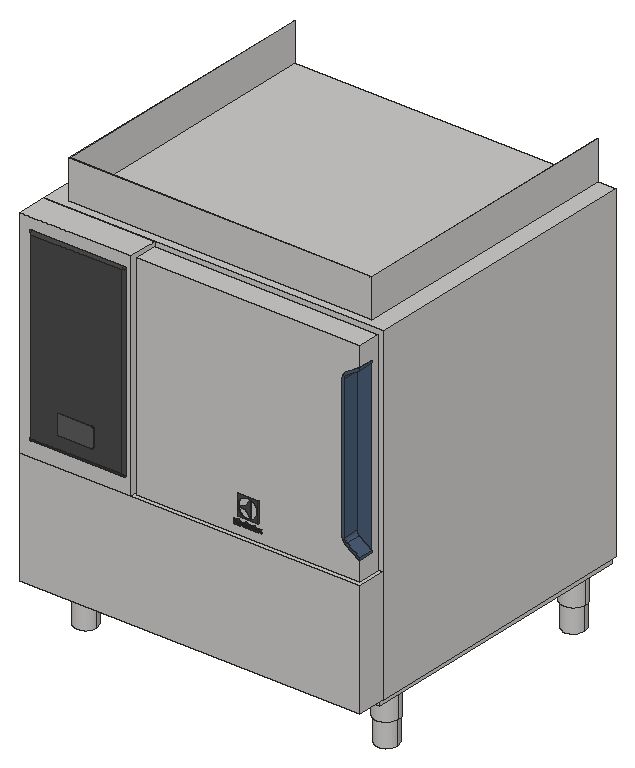
Revit family "QF_ELECTROLUXPROFESSIONAL_725584_EBFA61WHE", category Specialty Equipment, Revit 2023
Family settings
  Round Connector Dimension = Use Diameter
  Part Type = Normal
  Work Plane-Based = No
  Enable Cutting in Views = No
  Always vertical = Yes
  Cut with Voids When Loaded = No
  Maintain Annotation Orientation = No
  Shared = No
  Room Calculation Point = No
Parameters
  Weight = 0.00 kg
  Watts = 0 W
  Volts = 380 V
  URL Manufacturer = "http://professional.electrolux.com"
  URL = "http://professional.electrolux.com"
  Steam Supply Size = 0 mm
  Steam Supply Minimum Pressure = 0.0 Pa
  Steam Supply Maximum Pressure = 0.0 Pa
  Steam Pounds per Hour = 0
  Show Logo [instance] = yes
  Show Clearance [instance] = yes
  Refrigeration Suction Line Size = 0 mm
  Refrigeration Liquid Line Size = 0 mm
  Refrigerant Compressor Remote = yes
  Manufacturer = "Electrolux"
  Phase = 3
  Model = "EBFA61WHE"
  Length Actual = 897 mm  # constant formula
  Item Number = "725584"
  Hot Water Size = 0 mm
  Height Actual = 1020 mm  # constant formula
  HP = "3.6 HP"
  Gas Size = 0 mm
  Gas KW = 0
  Gas Input Pressure = 0 W
  Direct Waste Size = 139.7 mm
  Description = "SKYLINE CHILLS BLAST CHILLER FREEZER 30/30KG 6 GN 1/1 - FOR TOWER EXECUTION - LEFT HINDGED DOOR"
  Depth Actual = 937 mm  # constant formula
  Default Elevation = 0 mm
  Cycle = 50 Hz
  Condensate Return Size = 0 mm
  Compressed Air Volume = 0.0 L/s
  Compressed Air Size = 0 mm
  Compressed Air Pressure = 0.0 Pa
  Cold Water Size = 0 mm
  Accessory = yes
Reference planes
  plane 1 "Center X": y = 126.851
  plane 2: z = 0
  plane 3 "Center Y": x = -311.5
  plane 4 "LEFT": x = -760
  plane 5 "BACK": y = 548.851
  plane 6 "RIGHT": x = 137
  plane 7 "FRONT": y = -295.149
  plane 8: z = 130
  plane 9: x = -708
  plane 10: y = 473.851
  plane 11: x = 85
  plane 12: y = -142.149
  plane 13 "TOP": z = 1020.038
  plane 14: y = 641.851
  plane 15: y = -847.149
Forms (mm)
  Extrusion 1, solid, material "QF_Finishes_Stainless Steel"
    sketch origin (0, 0, 1060.038) x (-1, 0, 0) y (0, -1, 0)
      loop
        line (759, -548.851) -> (759, 216.149) -> (-136, 216.149) -> (-136, -548.851) -> (759, -548.851)
    from -40 to -910.018
  Extrusion 2, void
    sketch origin (-759, -216.149, 1060.038) x (-1, 0, 0) y (0, 0, 1)
      loop
        line (-370.8, -100) -> (-826.8, -100) -> (-826.8, -491.98) -> (-370.8, -491.98) -> (-370.8, -100)
    from 0 to 703
  Extrusion 3, solid, material "QF_Finishes_Stainless Steel"
    sketch origin (-760, -0.954, 0) x (0, 1, 0) y (0, 0, 1)
      loop
        line (549.805, 694.306) -> (549.805, 392.314) -> (635.5, 399.789)
        arc (635.5, 399.789) -> (640.702, 402.354) -> (642.805, 407.759) r 8
        line (642.805, 407.759) -> (642.805, 433.233)
        arc (642.805, 433.233) -> (638.783, 442.547) -> (642.805, 451.86) r 12.795
        line (642.805, 451.86) -> (642.805, 483.24)
        arc (642.805, 483.24) -> (638.783, 492.554) -> (642.805, 501.867) r 12.795
        line (642.805, 501.867) -> (642.805, 533.247)
        arc (642.805, 533.247) -> (638.783, 542.56) -> (642.805, 551.874) r 12.795
        line (642.805, 551.874) -> (642.805, 583.254)
        arc (642.805, 583.254) -> (638.783, 592.567) -> (642.805, 601.881) r 12.795
        line (642.805, 601.881) -> (642.805, 634.796)
        arc (642.805, 634.796) -> (641.466, 639.795) -> (637.808, 643.455) r 10
        line (637.808, 643.455) -> (549.805, 694.306)
    from 123.244 to 306.92
  Extrusion 4, solid, material "QF_Finishes_Stainless Steel"
    sketch origin (-817.599, 548.851, 1060.038) x (1, 0, 0) y (0, 0, -1)
      loop
        circle (121.599, 802.038) r 10.5
    from 0 to 29
  Extrusion 5, solid, material "QF_Finishes_Stainless Steel"
    sketch origin (0, 0, 1060.038) x (-1, 0, 0) y (0, -1, 0)
      loop
        line (759, 295.149) -> (467.2, 295.149) -> (467.2, 217.149) -> (759, 217.149) -> (759, 295.149)
    from -40 to -607
  Extrusion 6, solid, material "QF_Finishes_Stainless Steel"
    sketch origin (-1206.916, -1524, 130) x (-1, 0, 0) y (0, -1, 0)
      loop
        line (-447.916, -1228.851) -> (-1342.916, -1228.851) -> (-1342.916, -1306.851) -> (-447.916, -1306.851) -> (-447.916, -1228.851)
    from 322 to 20.02
  Extrusion 7, solid, material "QF_Finishes_Stainless Steel"
    sketch origin (0, 0, 1060.038) x (-1, 0, 0) y (0, -1, 0)
      loop
        line (748.993, -548.851) -> (748.993, 214.216) -> (-125.993, 214.216) -> (-125.993, -548.851) -> (748.993, -548.851)
    from -910.018 to -930.038
  Extrusion 8, solid, material "QF_Finishes_Stainless Steel"
    sketch origin (0, 0, 130) x (0, -1, 0) y (-1, 0, 0)
      loop
        circle (-215.851, 360) r 9.5
    from 0 to 31.68
  Extrusion 9, void
    sketch origin (0, 0, 1060.038) x (-1, 0, 0) y (0, -1, 0)
      loop
        line (627.033, -641.851) -> (636.756, -641.851) -> (636.756, -548.851) -> (635.125, -548.851) -> (627.033, -641.851)
      loop
        line (454.711, -548.851) -> (453.08, -548.851) -> (453.08, -641.851) -> (462.803, -641.851) -> (454.711, -548.851)
    from -673 to -363
  Extrusion 10, solid, material "QF_Finishes_Stainless Steel"
    sketch origin (-19, -1, 0) x (1, 0, 0) y (0, 1, 0)
      loop
        line (-690, -190.149) -> (-690, 549.851) -> (-692, 549.851) -> (-692, -192.149) -> (107, -192.149) -> (107, 549.851) -> (105, 549.851) -> (105, -190.149) -> (-690, -190.149)
    from 1020.038 to 1120.038
  Extrusion 11, solid, material "QF_Finishes_Stainless Steel"
    sketch origin (-315.205, -295.149, 0) x (1, 0, 0) y (0, 0, -1)
      loop
        line (451.2, -1020.033) -> (451.2, -968.898) -> (414.947, -944.816)
        arc (414.947, -944.816) -> (408.716, -937.969) -> (406.46, -928.989) r 19
        line (406.46, -928.989) -> (406.46, -554.076)
        arc (406.46, -554.076) -> (408.839, -544.616) -> (415.41, -537.406) r 20
        line (415.41, -537.406) -> (451.2, -513.683) -> (451.2, -462.497) -> (-135.995, -462.497) -> (-135.995, -1020.033) -> (451.2, -1020.033)
    from 0 to 60
  Extrusion 12, solid, material "QF_Finishes_Stainless Steel"
    sketch origin (-315.205, -235.149, 0) x (1, 0, 0) y (0, 0, -1)
      loop
        line (406.46, -554.076) -> (406.46, -928.989)
        arc (406.46, -928.989) -> (408.716, -937.969) -> (414.947, -944.816) r 19
        line (414.947, -944.816) -> (451.2, -968.898) -> (451.2, -513.683) -> (415.41, -537.406)
        arc (415.41, -537.406) -> (408.839, -544.616) -> (406.46, -554.076) r 20
    from -21 to 0
  Extrusion 13, solid, material "QF_Finishes_Electrolux_Blue"
    sketch origin (-315.205, -295.149, 0) x (-1, 0, 0) y (0, 0, -1)
      loop
        line (-451.2, -968.898) -> (-414.947, -944.816)
        arc (-414.947, -944.816) -> (-408.716, -937.969) -> (-406.46, -928.989) r 19
        line (-406.46, -928.989) -> (-406.46, -554.076)
        arc (-406.46, -554.076) -> (-408.839, -544.616) -> (-415.41, -537.406) r 20
        line (-415.41, -537.406) -> (-451.2, -513.683) -> (-453.7, -513.683) -> (-453.7, -519.824) -> (-419.001, -542.824)
        arc (-419.001, -542.824) -> (-414.566, -547.691) -> (-412.96, -554.076) r 13.5
        line (-412.96, -554.076) -> (-412.96, -928.989)
        arc (-412.96, -928.989) -> (-414.444, -934.897) -> (-418.543, -939.401) r 12.5
        line (-418.543, -939.401) -> (-453.7, -962.755) -> (-453.7, -968.898) -> (-451.2, -968.898)
    from -39 to 1
  Extrusion 14, solid, material "QF_Door-Drawer Clearances", visible <- "Show Clearance", detail levels coarse
    sketch origin (-458.205, -393.449, 0) x (0, -1, 0) y (0, 0, -1)
      loop
        line (451.2, -1020.033) -> (451.2, -968.898) -> (414.947, -944.816)
        arc (414.947, -944.816) -> (408.716, -937.969) -> (406.46, -928.989) r 19
        line (406.46, -928.989) -> (406.46, -554.076)
        arc (406.46, -554.076) -> (408.839, -544.616) -> (415.41, -537.406) r 20
        line (415.41, -537.406) -> (451.2, -513.683) -> (451.2, -462.497) -> (-98.3, -462.497) -> (-98.3, -1020.033) -> (451.2, -1020.033)
    from 0 to 60
  Extrusion 15, solid, material "QF_Door-Drawer Clearances", visible <- "Show Clearance", detail levels coarse
    sketch origin (-398.205, -393.449, 0) x (0, -1, 0) y (0, 0, -1)
      loop
        line (406.46, -554.076) -> (406.46, -928.989)
        arc (406.46, -928.989) -> (408.716, -937.969) -> (414.947, -944.816) r 19
        line (414.947, -944.816) -> (451.2, -968.898) -> (451.2, -513.683) -> (415.41, -537.406)
        arc (415.41, -537.406) -> (408.839, -544.616) -> (406.46, -554.076) r 20
    from -21 to 0
  Extrusion 16, solid, material "QF_Door-Drawer Clearances", visible <- "Show Clearance", detail levels coarse
    sketch origin (-458.205, -393.449, 0) x (0, 1, 0) y (0, 0, -1)
      loop
        line (-451.2, -968.898) -> (-414.947, -944.816)
        arc (-414.947, -944.816) -> (-408.716, -937.969) -> (-406.46, -928.989) r 19
        line (-406.46, -928.989) -> (-406.46, -554.076)
        arc (-406.46, -554.076) -> (-408.839, -544.616) -> (-415.41, -537.406) r 20
        line (-415.41, -537.406) -> (-451.2, -513.683) -> (-453.7, -513.683) -> (-453.7, -519.824) -> (-419.001, -542.824)
        arc (-419.001, -542.824) -> (-414.566, -547.691) -> (-412.96, -554.076) r 13.5
        line (-412.96, -554.076) -> (-412.96, -928.989)
        arc (-412.96, -928.989) -> (-414.444, -934.897) -> (-418.543, -939.401) r 12.5
        line (-418.543, -939.401) -> (-453.7, -962.755) -> (-453.7, -968.898) -> (-451.2, -968.898)
    from -39 to 1
  Extrusion 17, solid, material "QF_Door-Drawer Clearances", visible <- "Show Clearance", detail levels coarse
    sketch origin (-315.205, 0, 1060.038) x (1, 0, 0) y (0, 1, 0)
      loop
        line (-83, -295.149) -> (-83, -844.649)
        arc (-83, -844.649) -> (290.883, -673.709) -> (451.2, -295.149) r 567.425
        line (451.2, -295.149) -> (-83, -295.149)
    from -597.541 to -40
Cuts and joins
  Extrusion 2 cuts Extrusion 1
  Extrusion 9 cuts Extrusion 3
  joined: Extrusion 1, Extrusion 3, Extrusion 4, Extrusion 7, Extrusion 8
  joined: Extrusion 14, Extrusion 15, Extrusion 16, Extrusion 17
  joined: Extrusion 11, Extrusion 12
Lines and regions (mm)
  Split face 1
    outline origin (-489, -295.149, 130) x (-1, 0, 0) y (0, 0, -1)
      loop
        line (-132.388, -290.639) -> (-22.373, -290.639) -> (-22.373, -285.612) -> (-132.388, -285.612) -> (-132.388, -290.639)
  Split face 2
    outline origin (-489, -295.149, 120.528) x (-1, 0, 0) y (0, 0, -1)
      loop
        line (-132.388, -290.639) -> (-22.373, -290.639) -> (-22.373, -285.612) -> (-132.388, -285.612) -> (-132.388, -290.639)
  Split face 3
    outline origin (-489, -295.149, 111.056) x (-1, 0, 0) y (0, 0, -1)
      loop
        line (-132.388, -290.639) -> (-22.373, -290.639) -> (-22.373, -285.612) -> (-132.388, -285.612) -> (-132.388, -290.639)
  Split face 4
    outline origin (-489, -295.149, 101.583) x (-1, 0, 0) y (0, 0, -1)
      loop
        line (-132.388, -290.639) -> (-22.373, -290.639) -> (-22.373, -285.612) -> (-132.388, -285.612) -> (-132.388, -290.639)
  Split face 5
    outline origin (-489, -295.149, 92.111) x (-1, 0, 0) y (0, 0, -1)
      loop
        line (-132.388, -290.639) -> (-22.373, -290.639) -> (-22.373, -285.612) -> (-132.388, -285.612) -> (-132.388, -290.639)
  Split face 6
    outline origin (-489, -295.149, 82.639) x (-1, 0, 0) y (0, 0, -1)
      loop
        line (-132.388, -290.639) -> (-22.373, -290.639) -> (-22.373, -285.612) -> (-132.388, -285.612) -> (-132.388, -290.639)
  Split face 7
    outline origin (-489, -295.149, 73.167) x (-1, 0, 0) y (0, 0, -1)
      loop
        line (-132.388, -290.639) -> (-22.373, -290.639) -> (-22.373, -285.612) -> (-132.388, -285.612) -> (-132.388, -290.639)
  Split face 8
    outline origin (-489, -295.149, 63.695) x (-1, 0, 0) y (0, 0, -1)
      loop
        line (-132.388, -290.639) -> (-22.373, -290.639) -> (-22.373, -285.612) -> (-132.388, -285.612) -> (-132.388, -290.639)
  Split face 9
    outline origin (-489, -295.149, 54.223) x (-1, 0, 0) y (0, 0, -1)
      loop
        line (-132.388, -290.639) -> (-22.373, -290.639) -> (-22.373, -285.612) -> (-132.388, -285.612) -> (-132.388, -290.639)
  Split face 10
    outline origin (-489, -295.149, 44.75) x (-1, 0, 0) y (0, 0, -1)
      loop
        line (-132.388, -290.639) -> (-22.373, -290.639) -> (-22.373, -285.612) -> (-132.388, -285.612) -> (-132.388, -290.639)
  Split face 11
    outline origin (-489, -295.149, 35.278) x (-1, 0, 0) y (0, 0, -1)
      loop
        line (-132.388, -290.639) -> (-22.373, -290.639) -> (-22.373, -285.612) -> (-132.388, -285.612) -> (-132.388, -290.639)
  Split face 12
    outline origin (-489, -295.149, 25.806) x (-1, 0, 0) y (0, 0, -1)
      loop
        line (-132.388, -290.639) -> (-22.373, -290.639) -> (-22.373, -285.612) -> (-132.388, -285.612) -> (-132.388, -290.639)
  Split face 13
    outline origin (-489, -295.149, 16.334) x (-1, 0, 0) y (0, 0, -1)
      loop
        line (-132.388, -290.639) -> (-22.373, -290.639) -> (-22.373, -285.612) -> (-132.388, -285.612) -> (-132.388, -290.639)
  Split face 14
    outline origin (-489, -295.149, 6.862) x (-1, 0, 0) y (0, 0, -1)
      loop
        line (-132.388, -290.639) -> (-22.373, -290.639) -> (-22.373, -285.612) -> (-132.388, -285.612) -> (-132.388, -290.639)
  Split face 15
    outline origin (-489, -295.149, -2.611) x (-1, 0, 0) y (0, 0, -1)
      loop
        line (-132.388, -290.639) -> (-22.373, -290.639) -> (-22.373, -285.612) -> (-132.388, -285.612) -> (-132.388, -290.639)
  Split face 16
    outline origin (-489, -295.149, -12.083) x (-1, 0, 0) y (0, 0, -1)
      loop
        line (-132.388, -290.639) -> (-22.373, -290.639) -> (-22.373, -285.612) -> (-132.388, -285.612) -> (-132.388, -290.639)
  Split face 17
    outline origin (-489, -295.149, -21.555) x (-1, 0, 0) y (0, 0, -1)
      loop
        line (-132.388, -290.639) -> (-22.373, -290.639) -> (-22.373, -285.612) -> (-132.388, -285.612) -> (-132.388, -290.639)
  Split face 18
    outline origin (-489, -295.149, -31.027) x (-1, 0, 0) y (0, 0, -1)
      loop
        line (-132.388, -290.639) -> (-22.373, -290.639) -> (-22.373, -285.612) -> (-132.388, -285.612) -> (-132.388, -290.639)
  Split face 19
    outline origin (-489, -295.149, -40.499) x (-1, 0, 0) y (0, 0, -1)
      loop
        line (-132.388, -290.639) -> (-22.373, -290.639) -> (-22.373, -285.612) -> (-132.388, -285.612) -> (-132.388, -290.639)
  Split face 20
    outline origin (-489, -295.149, -49.972) x (-1, 0, 0) y (0, 0, -1)
      loop
        line (-132.388, -290.639) -> (-22.373, -290.639) -> (-22.373, -285.612) -> (-132.388, -285.612) -> (-132.388, -290.639)
  Split face 21
    outline origin (-489, -295.149, -59.444) x (-1, 0, 0) y (0, 0, -1)
      loop
        line (-132.388, -290.639) -> (-22.373, -290.639) -> (-22.373, -285.612) -> (-132.388, -285.612) -> (-132.388, -290.639)
  Split face 22
    outline origin (-489, -295.149, -68.916) x (-1, 0, 0) y (0, 0, -1)
      loop
        line (-132.388, -290.639) -> (-22.373, -290.639) -> (-22.373, -285.612) -> (-132.388, -285.612) -> (-132.388, -290.639)
  Split face 23
    outline origin (-489, -295.149, -78.388) x (-1, 0, 0) y (0, 0, -1)
      loop
        line (-132.388, -290.639) -> (-22.373, -290.639) -> (-22.373, -285.612) -> (-132.388, -285.612) -> (-132.388, -290.639)
  Split face 24
    outline origin (-489, -295.149, -87.86) x (-1, 0, 0) y (0, 0, -1)
      loop
        line (-132.388, -290.639) -> (-22.373, -290.639) -> (-22.373, -285.612) -> (-132.388, -285.612) -> (-132.388, -290.639)
  Split face 25
    outline origin (-489, -295.149, -97.332) x (-1, 0, 0) y (0, 0, -1)
      loop
        line (-132.388, -290.639) -> (-22.373, -290.639) -> (-22.373, -285.612) -> (-132.388, -285.612) -> (-132.388, -290.639)
  Split face 26
    outline origin (-489, -295.149, -106.805) x (-1, 0, 0) y (0, 0, -1)
      loop
        line (-132.388, -290.639) -> (-22.373, -290.639) -> (-22.373, -285.612) -> (-132.388, -285.612) -> (-132.388, -290.639)
  Split face 27
    outline origin (-373.984, -295.149, 130) x (-1, 0, 0) y (0, 0, -1)
      loop
        line (-132.388, -290.639) -> (-22.373, -290.639) -> (-22.373, -285.612) -> (-132.388, -285.612) -> (-132.388, -290.639)
  Split face 28
    outline origin (-373.984, -295.149, 120.528) x (-1, 0, 0) y (0, 0, -1)
      loop
        line (-132.388, -290.639) -> (-22.373, -290.639) -> (-22.373, -285.612) -> (-132.388, -285.612) -> (-132.388, -290.639)
  Split face 29
    outline origin (-373.984, -295.149, 111.056) x (-1, 0, 0) y (0, 0, -1)
      loop
        line (-132.388, -290.639) -> (-22.373, -290.639) -> (-22.373, -285.612) -> (-132.388, -285.612) -> (-132.388, -290.639)
  Split face 30
    outline origin (-373.984, -295.149, 101.583) x (-1, 0, 0) y (0, 0, -1)
      loop
        line (-132.388, -290.639) -> (-22.373, -290.639) -> (-22.373, -285.612) -> (-132.388, -285.612) -> (-132.388, -290.639)
  Split face 31
    outline origin (-373.984, -295.149, 92.111) x (-1, 0, 0) y (0, 0, -1)
      loop
        line (-132.388, -290.639) -> (-22.373, -290.639) -> (-22.373, -285.612) -> (-132.388, -285.612) -> (-132.388, -290.639)
  Split face 32
    outline origin (-373.984, -295.149, 82.639) x (-1, 0, 0) y (0, 0, -1)
      loop
        line (-132.388, -290.639) -> (-22.373, -290.639) -> (-22.373, -285.612) -> (-132.388, -285.612) -> (-132.388, -290.639)
  Split face 33
    outline origin (-373.984, -295.149, 73.167) x (-1, 0, 0) y (0, 0, -1)
      loop
        line (-132.388, -290.639) -> (-22.373, -290.639) -> (-22.373, -285.612) -> (-132.388, -285.612) -> (-132.388, -290.639)
  Split face 34
    outline origin (-373.984, -295.149, 63.695) x (-1, 0, 0) y (0, 0, -1)
      loop
        line (-132.388, -290.639) -> (-22.373, -290.639) -> (-22.373, -285.612) -> (-132.388, -285.612) -> (-132.388, -290.639)
  Split face 35
    outline origin (-373.984, -295.149, 54.223) x (-1, 0, 0) y (0, 0, -1)
      loop
        line (-132.388, -290.639) -> (-22.373, -290.639) -> (-22.373, -285.612) -> (-132.388, -285.612) -> (-132.388, -290.639)
  Split face 36
    outline origin (-373.984, -295.149, 44.75) x (-1, 0, 0) y (0, 0, -1)
      loop
        line (-132.388, -290.639) -> (-22.373, -290.639) -> (-22.373, -285.612) -> (-132.388, -285.612) -> (-132.388, -290.639)
  Split face 37
    outline origin (-373.984, -295.149, 35.278) x (-1, 0, 0) y (0, 0, -1)
      loop
        line (-132.388, -290.639) -> (-22.373, -290.639) -> (-22.373, -285.612) -> (-132.388, -285.612) -> (-132.388, -290.639)
  Split face 38
    outline origin (-373.984, -295.149, 25.806) x (-1, 0, 0) y (0, 0, -1)
      loop
        line (-132.388, -290.639) -> (-22.373, -290.639) -> (-22.373, -285.612) -> (-132.388, -285.612) -> (-132.388, -290.639)
  Split face 39
    outline origin (-373.984, -295.149, 16.334) x (-1, 0, 0) y (0, 0, -1)
      loop
        line (-132.388, -290.639) -> (-22.373, -290.639) -> (-22.373, -285.612) -> (-132.388, -285.612) -> (-132.388, -290.639)
  Split face 40
    outline origin (-373.984, -295.149, 6.862) x (-1, 0, 0) y (0, 0, -1)
      loop
        line (-132.388, -290.639) -> (-22.373, -290.639) -> (-22.373, -285.612) -> (-132.388, -285.612) -> (-132.388, -290.639)
  Split face 41
    outline origin (-373.984, -295.149, -2.611) x (-1, 0, 0) y (0, 0, -1)
      loop
        line (-132.388, -290.639) -> (-22.373, -290.639) -> (-22.373, -285.612) -> (-132.388, -285.612) -> (-132.388, -290.639)
  Split face 42
    outline origin (-373.984, -295.149, -12.083) x (-1, 0, 0) y (0, 0, -1)
      loop
        line (-132.388, -290.639) -> (-22.373, -290.639) -> (-22.373, -285.612) -> (-132.388, -285.612) -> (-132.388, -290.639)
  Split face 43
    outline origin (-373.984, -295.149, -21.555) x (-1, 0, 0) y (0, 0, -1)
      loop
        line (-132.388, -290.639) -> (-22.373, -290.639) -> (-22.373, -285.612) -> (-132.388, -285.612) -> (-132.388, -290.639)
  Split face 44
    outline origin (-373.984, -295.149, -31.027) x (-1, 0, 0) y (0, 0, -1)
      loop
        line (-132.388, -290.639) -> (-22.373, -290.639) -> (-22.373, -285.612) -> (-132.388, -285.612) -> (-132.388, -290.639)
  Split face 45
    outline origin (-373.984, -295.149, -40.499) x (-1, 0, 0) y (0, 0, -1)
      loop
        line (-132.388, -290.639) -> (-22.373, -290.639) -> (-22.373, -285.612) -> (-132.388, -285.612) -> (-132.388, -290.639)
  Split face 46
    outline origin (-373.984, -295.149, -49.972) x (-1, 0, 0) y (0, 0, -1)
      loop
        line (-132.388, -290.639) -> (-22.373, -290.639) -> (-22.373, -285.612) -> (-132.388, -285.612) -> (-132.388, -290.639)
  Split face 47
    outline origin (-373.984, -295.149, -59.444) x (-1, 0, 0) y (0, 0, -1)
      loop
        line (-132.388, -290.639) -> (-22.373, -290.639) -> (-22.373, -285.612) -> (-132.388, -285.612) -> (-132.388, -290.639)
  Split face 48
    outline origin (-373.984, -295.149, -68.916) x (-1, 0, 0) y (0, 0, -1)
      loop
        line (-132.388, -290.639) -> (-22.373, -290.639) -> (-22.373, -285.612) -> (-132.388, -285.612) -> (-132.388, -290.639)
  Split face 49
    outline origin (-373.984, -295.149, -78.388) x (-1, 0, 0) y (0, 0, -1)
      loop
        line (-132.388, -290.639) -> (-22.373, -290.639) -> (-22.373, -285.612) -> (-132.388, -285.612) -> (-132.388, -290.639)
  Split face 50
    outline origin (-373.984, -295.149, -87.86) x (-1, 0, 0) y (0, 0, -1)
      loop
        line (-132.388, -290.639) -> (-22.373, -290.639) -> (-22.373, -285.612) -> (-132.388, -285.612) -> (-132.388, -290.639)
  Split face 51
    outline origin (-373.984, -295.149, -97.332) x (-1, 0, 0) y (0, 0, -1)
      loop
        line (-132.388, -290.639) -> (-22.373, -290.639) -> (-22.373, -285.612) -> (-132.388, -285.612) -> (-132.388, -290.639)
  Split face 52
    outline origin (-373.984, -295.149, -106.805) x (-1, 0, 0) y (0, 0, -1)
      loop
        line (-132.388, -290.639) -> (-22.373, -290.639) -> (-22.373, -285.612) -> (-132.388, -285.612) -> (-132.388, -290.639)
  Split face 53
    outline origin (-258.969, -295.149, 130) x (-1, 0, 0) y (0, 0, -1)
      loop
        line (-132.388, -290.639) -> (-22.373, -290.639) -> (-22.373, -285.612) -> (-132.388, -285.612) -> (-132.388, -290.639)
  Split face 54
    outline origin (-258.969, -295.149, 120.528) x (-1, 0, 0) y (0, 0, -1)
      loop
        line (-132.388, -290.639) -> (-22.373, -290.639) -> (-22.373, -285.612) -> (-132.388, -285.612) -> (-132.388, -290.639)
  Split face 55
    outline origin (-258.969, -295.149, 111.056) x (-1, 0, 0) y (0, 0, -1)
      loop
        line (-132.388, -290.639) -> (-22.373, -290.639) -> (-22.373, -285.612) -> (-132.388, -285.612) -> (-132.388, -290.639)
  Split face 56
    outline origin (-258.969, -295.149, 101.583) x (-1, 0, 0) y (0, 0, -1)
      loop
        line (-132.388, -290.639) -> (-22.373, -290.639) -> (-22.373, -285.612) -> (-132.388, -285.612) -> (-132.388, -290.639)
  Split face 57
    outline origin (-258.969, -295.149, 92.111) x (-1, 0, 0) y (0, 0, -1)
      loop
        line (-132.388, -290.639) -> (-22.373, -290.639) -> (-22.373, -285.612) -> (-132.388, -285.612) -> (-132.388, -290.639)
  Split face 58
    outline origin (-258.969, -295.149, 82.639) x (-1, 0, 0) y (0, 0, -1)
      loop
        line (-132.388, -290.639) -> (-22.373, -290.639) -> (-22.373, -285.612) -> (-132.388, -285.612) -> (-132.388, -290.639)
  Split face 59
    outline origin (-258.969, -295.149, 73.167) x (-1, 0, 0) y (0, 0, -1)
      loop
        line (-132.388, -290.639) -> (-22.373, -290.639) -> (-22.373, -285.612) -> (-132.388, -285.612) -> (-132.388, -290.639)
  Split face 60
    outline origin (-258.969, -295.149, 63.695) x (-1, 0, 0) y (0, 0, -1)
      loop
        line (-132.388, -290.639) -> (-22.373, -290.639) -> (-22.373, -285.612) -> (-132.388, -285.612) -> (-132.388, -290.639)
  Split face 61
    outline origin (-258.969, -295.149, 54.223) x (-1, 0, 0) y (0, 0, -1)
      loop
        line (-132.388, -290.639) -> (-22.373, -290.639) -> (-22.373, -285.612) -> (-132.388, -285.612) -> (-132.388, -290.639)
  Split face 62
    outline origin (-258.969, -295.149, 44.75) x (-1, 0, 0) y (0, 0, -1)
      loop
        line (-132.388, -290.639) -> (-22.373, -290.639) -> (-22.373, -285.612) -> (-132.388, -285.612) -> (-132.388, -290.639)
  Split face 63
    outline origin (-258.969, -295.149, 35.278) x (-1, 0, 0) y (0, 0, -1)
      loop
        line (-132.388, -290.639) -> (-22.373, -290.639) -> (-22.373, -285.612) -> (-132.388, -285.612) -> (-132.388, -290.639)
  Split face 64
    outline origin (-258.969, -295.149, 25.806) x (-1, 0, 0) y (0, 0, -1)
      loop
        line (-132.388, -290.639) -> (-22.373, -290.639) -> (-22.373, -285.612) -> (-132.388, -285.612) -> (-132.388, -290.639)
  Split face 65
    outline origin (-258.969, -295.149, 16.334) x (-1, 0, 0) y (0, 0, -1)
      loop
        line (-132.388, -290.639) -> (-22.373, -290.639) -> (-22.373, -285.612) -> (-132.388, -285.612) -> (-132.388, -290.639)
  Split face 66
    outline origin (-258.969, -295.149, 6.862) x (-1, 0, 0) y (0, 0, -1)
      loop
        line (-132.388, -290.639) -> (-22.373, -290.639) -> (-22.373, -285.612) -> (-132.388, -285.612) -> (-132.388, -290.639)
  Split face 67
    outline origin (-258.969, -295.149, -2.611) x (-1, 0, 0) y (0, 0, -1)
      loop
        line (-132.388, -290.639) -> (-22.373, -290.639) -> (-22.373, -285.612) -> (-132.388, -285.612) -> (-132.388, -290.639)
  Split face 68
    outline origin (-258.969, -295.149, -12.083) x (-1, 0, 0) y (0, 0, -1)
      loop
        line (-132.388, -290.639) -> (-22.373, -290.639) -> (-22.373, -285.612) -> (-132.388, -285.612) -> (-132.388, -290.639)
  Split face 69
    outline origin (-258.969, -295.149, -21.555) x (-1, 0, 0) y (0, 0, -1)
      loop
        line (-132.388, -290.639) -> (-22.373, -290.639) -> (-22.373, -285.612) -> (-132.388, -285.612) -> (-132.388, -290.639)
  Split face 70
    outline origin (-258.969, -295.149, -31.027) x (-1, 0, 0) y (0, 0, -1)
      loop
        line (-132.388, -290.639) -> (-22.373, -290.639) -> (-22.373, -285.612) -> (-132.388, -285.612) -> (-132.388, -290.639)
  Split face 71
    outline origin (-258.969, -295.149, -40.499) x (-1, 0, 0) y (0, 0, -1)
      loop
        line (-132.388, -290.639) -> (-22.373, -290.639) -> (-22.373, -285.612) -> (-132.388, -285.612) -> (-132.388, -290.639)
  Split face 72
    outline origin (-258.969, -295.149, -49.972) x (-1, 0, 0) y (0, 0, -1)
      loop
        line (-132.388, -290.639) -> (-22.373, -290.639) -> (-22.373, -285.612) -> (-132.388, -285.612) -> (-132.388, -290.639)
  Split face 73
    outline origin (-258.969, -295.149, -59.444) x (-1, 0, 0) y (0, 0, -1)
      loop
        line (-132.388, -290.639) -> (-22.373, -290.639) -> (-22.373, -285.612) -> (-132.388, -285.612) -> (-132.388, -290.639)
  Split face 74
    outline origin (-258.969, -295.149, -68.916) x (-1, 0, 0) y (0, 0, -1)
      loop
        line (-132.388, -290.639) -> (-22.373, -290.639) -> (-22.373, -285.612) -> (-132.388, -285.612) -> (-132.388, -290.639)
  Split face 75
    outline origin (-258.969, -295.149, -78.388) x (-1, 0, 0) y (0, 0, -1)
      loop
        line (-132.388, -290.639) -> (-22.373, -290.639) -> (-22.373, -285.612) -> (-132.388, -285.612) -> (-132.388, -290.639)
  Split face 76
    outline origin (-258.969, -295.149, -87.86) x (-1, 0, 0) y (0, 0, -1)
      loop
        line (-132.388, -290.639) -> (-22.373, -290.639) -> (-22.373, -285.612) -> (-132.388, -285.612) -> (-132.388, -290.639)
  Split face 77
    outline origin (-258.969, -295.149, -97.332) x (-1, 0, 0) y (0, 0, -1)
      loop
        line (-132.388, -290.639) -> (-22.373, -290.639) -> (-22.373, -285.612) -> (-132.388, -285.612) -> (-132.388, -290.639)
  Split face 78
    outline origin (-258.969, -295.149, -106.805) x (-1, 0, 0) y (0, 0, -1)
      loop
        line (-132.388, -290.639) -> (-22.373, -290.639) -> (-22.373, -285.612) -> (-132.388, -285.612) -> (-132.388, -290.639)
  Split face 79
    outline origin (-143.953, -295.149, 130) x (-1, 0, 0) y (0, 0, -1)
      loop
        line (-132.388, -290.639) -> (-22.373, -290.639) -> (-22.373, -285.612) -> (-132.388, -285.612) -> (-132.388, -290.639)
  Split face 80
    outline origin (-143.953, -295.149, 120.528) x (-1, 0, 0) y (0, 0, -1)
      loop
        line (-132.388, -290.639) -> (-22.373, -290.639) -> (-22.373, -285.612) -> (-132.388, -285.612) -> (-132.388, -290.639)
  Split face 81
    outline origin (-143.953, -295.149, 111.056) x (-1, 0, 0) y (0, 0, -1)
      loop
        line (-132.388, -290.639) -> (-22.373, -290.639) -> (-22.373, -285.612) -> (-132.388, -285.612) -> (-132.388, -290.639)
  Split face 82
    outline origin (-143.953, -295.149, 101.583) x (-1, 0, 0) y (0, 0, -1)
      loop
        line (-132.388, -290.639) -> (-22.373, -290.639) -> (-22.373, -285.612) -> (-132.388, -285.612) -> (-132.388, -290.639)
  Split face 83
    outline origin (-143.953, -295.149, 92.111) x (-1, 0, 0) y (0, 0, -1)
      loop
        line (-132.388, -290.639) -> (-22.373, -290.639) -> (-22.373, -285.612) -> (-132.388, -285.612) -> (-132.388, -290.639)
  Split face 84
    outline origin (-143.953, -295.149, 82.639) x (-1, 0, 0) y (0, 0, -1)
      loop
        line (-132.388, -290.639) -> (-22.373, -290.639) -> (-22.373, -285.612) -> (-132.388, -285.612) -> (-132.388, -290.639)
  Split face 85
    outline origin (-143.953, -295.149, 73.167) x (-1, 0, 0) y (0, 0, -1)
      loop
        line (-132.388, -290.639) -> (-22.373, -290.639) -> (-22.373, -285.612) -> (-132.388, -285.612) -> (-132.388, -290.639)
  Split face 86
    outline origin (-143.953, -295.149, 63.695) x (-1, 0, 0) y (0, 0, -1)
      loop
        line (-132.388, -290.639) -> (-22.373, -290.639) -> (-22.373, -285.612) -> (-132.388, -285.612) -> (-132.388, -290.639)
  Split face 87
    outline origin (-143.953, -295.149, 54.223) x (-1, 0, 0) y (0, 0, -1)
      loop
        line (-132.388, -290.639) -> (-22.373, -290.639) -> (-22.373, -285.612) -> (-132.388, -285.612) -> (-132.388, -290.639)
  Split face 88
    outline origin (-143.953, -295.149, 44.75) x (-1, 0, 0) y (0, 0, -1)
      loop
        line (-132.388, -290.639) -> (-22.373, -290.639) -> (-22.373, -285.612) -> (-132.388, -285.612) -> (-132.388, -290.639)
  Split face 89
    outline origin (-143.953, -295.149, 35.278) x (-1, 0, 0) y (0, 0, -1)
      loop
        line (-132.388, -290.639) -> (-22.373, -290.639) -> (-22.373, -285.612) -> (-132.388, -285.612) -> (-132.388, -290.639)
  Split face 90
    outline origin (-143.953, -295.149, 25.806) x (-1, 0, 0) y (0, 0, -1)
      loop
        line (-132.388, -290.639) -> (-22.373, -290.639) -> (-22.373, -285.612) -> (-132.388, -285.612) -> (-132.388, -290.639)
  Split face 91
    outline origin (-143.953, -295.149, 16.334) x (-1, 0, 0) y (0, 0, -1)
      loop
        line (-132.388, -290.639) -> (-22.373, -290.639) -> (-22.373, -285.612) -> (-132.388, -285.612) -> (-132.388, -290.639)
  Split face 92
    outline origin (-143.953, -295.149, 6.862) x (-1, 0, 0) y (0, 0, -1)
      loop
        line (-132.388, -290.639) -> (-22.373, -290.639) -> (-22.373, -285.612) -> (-132.388, -285.612) -> (-132.388, -290.639)
  Split face 93
    outline origin (-143.953, -295.149, -2.611) x (-1, 0, 0) y (0, 0, -1)
      loop
        line (-132.388, -290.639) -> (-22.373, -290.639) -> (-22.373, -285.612) -> (-132.388, -285.612) -> (-132.388, -290.639)
  Split face 94
    outline origin (-143.953, -295.149, -12.083) x (-1, 0, 0) y (0, 0, -1)
      loop
        line (-132.388, -290.639) -> (-22.373, -290.639) -> (-22.373, -285.612) -> (-132.388, -285.612) -> (-132.388, -290.639)
  Split face 95
    outline origin (-143.953, -295.149, -21.555) x (-1, 0, 0) y (0, 0, -1)
      loop
        line (-132.388, -290.639) -> (-22.373, -290.639) -> (-22.373, -285.612) -> (-132.388, -285.612) -> (-132.388, -290.639)
  Split face 96
    outline origin (-143.953, -295.149, -31.027) x (-1, 0, 0) y (0, 0, -1)
      loop
        line (-132.388, -290.639) -> (-22.373, -290.639) -> (-22.373, -285.612) -> (-132.388, -285.612) -> (-132.388, -290.639)
  Split face 97
    outline origin (-143.953, -295.149, -40.499) x (-1, 0, 0) y (0, 0, -1)
      loop
        line (-132.388, -290.639) -> (-22.373, -290.639) -> (-22.373, -285.612) -> (-132.388, -285.612) -> (-132.388, -290.639)
  Split face 98
    outline origin (-143.953, -295.149, -49.972) x (-1, 0, 0) y (0, 0, -1)
      loop
        line (-132.388, -290.639) -> (-22.373, -290.639) -> (-22.373, -285.612) -> (-132.388, -285.612) -> (-132.388, -290.639)
  Split face 99
    outline origin (-143.953, -295.149, -59.444) x (-1, 0, 0) y (0, 0, -1)
      loop
        line (-132.388, -290.639) -> (-22.373, -290.639) -> (-22.373, -285.612) -> (-132.388, -285.612) -> (-132.388, -290.639)
  Split face 100
    outline origin (-143.953, -295.149, -68.916) x (-1, 0, 0) y (0, 0, -1)
      loop
        line (-132.388, -290.639) -> (-22.373, -290.639) -> (-22.373, -285.612) -> (-132.388, -285.612) -> (-132.388, -290.639)
  Split face 101
    outline origin (-143.953, -295.149, -78.388) x (-1, 0, 0) y (0, 0, -1)
      loop
        line (-132.388, -290.639) -> (-22.373, -290.639) -> (-22.373, -285.612) -> (-132.388, -285.612) -> (-132.388, -290.639)
  Split face 102
    outline origin (-143.953, -295.149, -87.86) x (-1, 0, 0) y (0, 0, -1)
      loop
        line (-132.388, -290.639) -> (-22.373, -290.639) -> (-22.373, -285.612) -> (-132.388, -285.612) -> (-132.388, -290.639)
  Split face 103
    outline origin (-143.953, -295.149, -97.332) x (-1, 0, 0) y (0, 0, -1)
      loop
        line (-132.388, -290.639) -> (-22.373, -290.639) -> (-22.373, -285.612) -> (-132.388, -285.612) -> (-132.388, -290.639)
  Split face 104
    outline origin (-143.953, -295.149, -106.805) x (-1, 0, 0) y (0, 0, -1)
      loop
        line (-132.388, -290.639) -> (-22.373, -290.639) -> (-22.373, -285.612) -> (-132.388, -285.612) -> (-132.388, -290.639)
  Split face 105
    outline origin (-28.938, -295.149, 130) x (-1, 0, 0) y (0, 0, -1)
      loop
        line (-132.388, -290.639) -> (-22.373, -290.639) -> (-22.373, -285.612) -> (-132.388, -285.612) -> (-132.388, -290.639)
  Split face 106
    outline origin (-28.938, -295.149, 120.528) x (-1, 0, 0) y (0, 0, -1)
      loop
        line (-132.388, -290.639) -> (-22.373, -290.639) -> (-22.373, -285.612) -> (-132.388, -285.612) -> (-132.388, -290.639)
  Split face 107
    outline origin (-28.938, -295.149, 111.056) x (-1, 0, 0) y (0, 0, -1)
      loop
        line (-132.388, -290.639) -> (-22.373, -290.639) -> (-22.373, -285.612) -> (-132.388, -285.612) -> (-132.388, -290.639)
  Split face 108
    outline origin (-28.938, -295.149, 101.583) x (-1, 0, 0) y (0, 0, -1)
      loop
        line (-132.388, -290.639) -> (-22.373, -290.639) -> (-22.373, -285.612) -> (-132.388, -285.612) -> (-132.388, -290.639)
  Split face 109
    outline origin (-28.938, -295.149, 92.111) x (-1, 0, 0) y (0, 0, -1)
      loop
        line (-132.388, -290.639) -> (-22.373, -290.639) -> (-22.373, -285.612) -> (-132.388, -285.612) -> (-132.388, -290.639)
  Split face 110
    outline origin (-28.938, -295.149, 82.639) x (-1, 0, 0) y (0, 0, -1)
      loop
        line (-132.388, -290.639) -> (-22.373, -290.639) -> (-22.373, -285.612) -> (-132.388, -285.612) -> (-132.388, -290.639)
  Split face 111
    outline origin (-28.938, -295.149, 73.167) x (-1, 0, 0) y (0, 0, -1)
      loop
        line (-132.388, -290.639) -> (-22.373, -290.639) -> (-22.373, -285.612) -> (-132.388, -285.612) -> (-132.388, -290.639)
  Split face 112
    outline origin (-28.938, -295.149, 63.695) x (-1, 0, 0) y (0, 0, -1)
      loop
        line (-132.388, -290.639) -> (-22.373, -290.639) -> (-22.373, -285.612) -> (-132.388, -285.612) -> (-132.388, -290.639)
  Split face 113
    outline origin (-28.938, -295.149, 54.223) x (-1, 0, 0) y (0, 0, -1)
      loop
        line (-132.388, -290.639) -> (-22.373, -290.639) -> (-22.373, -285.612) -> (-132.388, -285.612) -> (-132.388, -290.639)
  Split face 114
    outline origin (-28.938, -295.149, 44.75) x (-1, 0, 0) y (0, 0, -1)
      loop
        line (-132.388, -290.639) -> (-22.373, -290.639) -> (-22.373, -285.612) -> (-132.388, -285.612) -> (-132.388, -290.639)
  Split face 115
    outline origin (-28.938, -295.149, 35.278) x (-1, 0, 0) y (0, 0, -1)
      loop
        line (-132.388, -290.639) -> (-22.373, -290.639) -> (-22.373, -285.612) -> (-132.388, -285.612) -> (-132.388, -290.639)
  Split face 116
    outline origin (-28.938, -295.149, 25.806) x (-1, 0, 0) y (0, 0, -1)
      loop
        line (-132.388, -290.639) -> (-22.373, -290.639) -> (-22.373, -285.612) -> (-132.388, -285.612) -> (-132.388, -290.639)
  Split face 117
    outline origin (-28.938, -295.149, 16.334) x (-1, 0, 0) y (0, 0, -1)
      loop
        line (-132.388, -290.639) -> (-22.373, -290.639) -> (-22.373, -285.612) -> (-132.388, -285.612) -> (-132.388, -290.639)
  Split face 118
    outline origin (-28.938, -295.149, 6.862) x (-1, 0, 0) y (0, 0, -1)
      loop
        line (-132.388, -290.639) -> (-22.373, -290.639) -> (-22.373, -285.612) -> (-132.388, -285.612) -> (-132.388, -290.639)
  Split face 119
    outline origin (-28.938, -295.149, -2.611) x (-1, 0, 0) y (0, 0, -1)
      loop
        line (-132.388, -290.639) -> (-22.373, -290.639) -> (-22.373, -285.612) -> (-132.388, -285.612) -> (-132.388, -290.639)
  Split face 120
    outline origin (-28.938, -295.149, -12.083) x (-1, 0, 0) y (0, 0, -1)
      loop
        line (-132.388, -290.639) -> (-22.373, -290.639) -> (-22.373, -285.612) -> (-132.388, -285.612) -> (-132.388, -290.639)
  Split face 121
    outline origin (-28.938, -295.149, -21.555) x (-1, 0, 0) y (0, 0, -1)
      loop
        line (-132.388, -290.639) -> (-22.373, -290.639) -> (-22.373, -285.612) -> (-132.388, -285.612) -> (-132.388, -290.639)
  Split face 122
    outline origin (-28.938, -295.149, -31.027) x (-1, 0, 0) y (0, 0, -1)
      loop
        line (-132.388, -290.639) -> (-22.373, -290.639) -> (-22.373, -285.612) -> (-132.388, -285.612) -> (-132.388, -290.639)
  Split face 123
    outline origin (-28.938, -295.149, -40.499) x (-1, 0, 0) y (0, 0, -1)
      loop
        line (-132.388, -290.639) -> (-22.373, -290.639) -> (-22.373, -285.612) -> (-132.388, -285.612) -> (-132.388, -290.639)
  Split face 124
    outline origin (-28.938, -295.149, -49.972) x (-1, 0, 0) y (0, 0, -1)
      loop
        line (-132.388, -290.639) -> (-22.373, -290.639) -> (-22.373, -285.612) -> (-132.388, -285.612) -> (-132.388, -290.639)
  Split face 125
    outline origin (-28.938, -295.149, -59.444) x (-1, 0, 0) y (0, 0, -1)
      loop
        line (-132.388, -290.639) -> (-22.373, -290.639) -> (-22.373, -285.612) -> (-132.388, -285.612) -> (-132.388, -290.639)
  Split face 126
    outline origin (-28.938, -295.149, -68.916) x (-1, 0, 0) y (0, 0, -1)
      loop
        line (-132.388, -290.639) -> (-22.373, -290.639) -> (-22.373, -285.612) -> (-132.388, -285.612) -> (-132.388, -290.639)
  Split face 127
    outline origin (-28.938, -295.149, -78.388) x (-1, 0, 0) y (0, 0, -1)
      loop
        line (-132.388, -290.639) -> (-22.373, -290.639) -> (-22.373, -285.612) -> (-132.388, -285.612) -> (-132.388, -290.639)
  Split face 128
    outline origin (-28.938, -295.149, -87.86) x (-1, 0, 0) y (0, 0, -1)
      loop
        line (-132.388, -290.639) -> (-22.373, -290.639) -> (-22.373, -285.612) -> (-132.388, -285.612) -> (-132.388, -290.639)
  Split face 129
    outline origin (-28.938, -295.149, -97.332) x (-1, 0, 0) y (0, 0, -1)
      loop
        line (-132.388, -290.639) -> (-22.373, -290.639) -> (-22.373, -285.612) -> (-132.388, -285.612) -> (-132.388, -290.639)
  Split face 130
    outline origin (-28.938, -295.149, -106.805) x (-1, 0, 0) y (0, 0, -1)
      loop
        line (-132.388, -290.639) -> (-22.373, -290.639) -> (-22.373, -285.612) -> (-132.388, -285.612) -> (-132.388, -290.639)
  symbolic lines
    curve 1: line (-760, 548.851, 1060.038) -> (137, 548.851, 1060.038)
    curve 2: line (-760, -295.149, 1060.038) -> (-760, 548.851, 1060.038)
    curve 3: line (137, -295.149, 1060.038) -> (-760, -295.149, 1060.038)
    curve 4: line (137, 548.851, 1060.038) -> (137, -295.149, 1060.038)
    curve 5: line (-725.5, -300.149, 1060.038) -> (-487.5, -300.149, 1060.038)
    curve 6: line (-487.5, -300.149, 1060.038) -> (-479.5, -295.149, 1060.038)
    curve 7: line (-725.5, -300.149, 1060.038) -> (-733.5, -295.149, 1060.038)
    curve 8: line (-635.125, 548.851, 1060.038) -> (-627.033, 641.851, 1060.038)
    curve 9: line (-627.033, 641.851, 1060.038) -> (-462.803, 641.851, 1060.038)
    curve 10: line (-462.803, 641.851, 1060.038) -> (-454.711, 548.851, 1060.038)
    curve 11: line (-706.5, 577.851, 1060.038) -> (-685.5, 577.851, 1060.038)
    curve 12: line (-685.5, 577.851, 1060.038) -> (-685.5, 548.851, 1060.038)
    curve 13: line (-706.5, 577.851, 1060.038) -> (-706.5, 548.851, 1060.038)
  symbolic lines, style "QF_Door-Drawer Clearances", visible <- "Show Clearance"
    curve 14: arc (135.995, -295.149, 1060.038) -> (-24.323, -673.709, 1060.038) -> (-398.205, -844.649, 1060.038) r 567.425
    curve 15: line (-458.205, -844.649, 1060.038) -> (-458.205, -295.149, 1060.038)
    curve 16: line (-398.205, -844.649, 1060.038) -> (-458.205, -844.649, 1060.038)
    curve 17: line (-398.205, -844.649, 1060.038) -> (-398.205, -295.149, 1060.038)
Dimensions and locks
  equal spacing: plane 4 "LEFT", plane 3 "Center Y", plane 6 "RIGHT"
  plane 4 "LEFT" to plane 6 "RIGHT" = 897 mm
  plane 5 "BACK" to plane 7 "FRONT" = 844 mm
  equal spacing: plane 5 "BACK", plane 1 "Center X", plane 7 "FRONT"
  cut or joined group of Extrusion 1, Extrusion 2, Extrusion 3, Extrusion 4, Extrusion 7, Extrusion 8, Extrusion 9 to Extrusion 4 sketch curve = 63 mm
  level to Extrusion 4 sketch curve = 258 mm
  plane 5 "BACK" to Extrusion 8 sketch curve = 333 mm
  plane 4 "LEFT" to Extrusion 8 sketch curve = 400 mm
  Extrusion 4 sketch curve to plane 4 "LEFT" = 64 mm
  aligned and locked: level to plane 2
  aligned and locked: plane 11 to nested 3
  aligned and locked: plane 11 to nested 2
  aligned and locked: plane 9 to nested 1
  aligned and locked: plane 9 to nested 4
  aligned and locked: nested 4 to plane 10
  aligned and locked: nested 3 to plane 10
  aligned and locked: nested 1 to plane 12
  aligned and locked: nested 2 to plane 12
  aligned and locked: Extrusion 13 to Extrusion 12
  aligned and locked: Extrusion 16 to Extrusion 15
Automatic sketch dimensions
  Extrusion 1 sketch curve to plane 5 "BACK" = 0 mm
  Extrusion 1 sketch curve to plane 6 "RIGHT" = 1 mm
  plane 4 "LEFT" to Extrusion 1 sketch curve = 1 mm
  Extrusion 1 sketch curve to plane 12 = 74 mm
  Extrusion 1 to Extrusion 2 sketch curve = 68.2 mm
  Extrusion 2 sketch curve to Extrusion 1 = 370.8 mm
  Extrusion 2 sketch curve to Extrusion 1 = 418.038 mm
  Extrusion 2 sketch curve to Extrusion 1 = 60 mm
  curve 1 to plane 5 "BACK" = 0 mm
  curve 1 to plane 6 "RIGHT" = 0 mm
  curve 14 to plane 7 "FRONT" = 0 mm
  curve 17 to plane 7 "FRONT" = 0 mm
  curve 10 to plane 14 = 0 mm
  curve 2 to plane 4 "LEFT" = 0 mm
  plane 15 to curve 16 = 2.5 mm
  curve 16 to plane 3 "Center Y" = 86.705 mm
  plane 7 "FRONT" to curve 14 = 16.966 mm
  curve 17 to curve 14 = 32.971 mm
  curve 14 to curve 16 = 60 mm
  curve 10 to plane 3 "Center Y" = 151.303 mm
  curve 6 to plane 7 "FRONT" = 5 mm
  curve 15 to curve 6 = 29.295 mm
  plane 9 to curve 8 = 80.967 mm
  plane 9 to curve 12 = 22.5 mm
  plane 9 to curve 13 = 1.5 mm
  curve 5 to plane 9 = 17.5 mm
  curve 13 to curve 13 = 29 mm
  curve 10 to curve 9 = 8.092 mm
  curve 6 to curve 5 = 8 mm
  curve 8 to curve 12 = 50.375 mm
  curve 5 to curve 7 = 8 mm
  Extrusion 3 sketch curve to plane 5 "BACK" = 0 mm
  Extrusion 3 sketch curve to plane 14 = 0 mm  (x5)
  Extrusion 3 sketch curve to Extrusion 3 sketch curve = 10 mm
  Extrusion 3 sketch curve to Extrusion 3 sketch curve = 8 mm
  Extrusion 3 sketch curve to plane 14 = 7.305 mm
  Extrusion 3 sketch curve to plane 14 = 4.997 mm
  plane 14 to Extrusion 3 sketch curve = 8.773 mm  (x4)
  plane 8 to Extrusion 3 sketch curve = 262.314 mm
  Extrusion 3 sketch curve to Extrusion 3 sketch curve = 7.476 mm
  Extrusion 3 sketch curve to Extrusion 3 sketch curve = 25.474 mm
  Extrusion 3 sketch curve to Extrusion 3 sketch curve = 9.313 mm  (x4)
  Extrusion 3 sketch curve to Extrusion 3 sketch curve = 31.38 mm  (x3)
  Extrusion 3 sketch curve to Extrusion 3 sketch curve = 32.916 mm
  Extrusion 3 sketch curve to Extrusion 3 sketch curve = 50.851 mm
  Extrusion 5 sketch curve to plane 7 "FRONT" = 0 mm
  Extrusion 5 sketch curve to plane 12 = 75 mm
  Extrusion 5 sketch curve to plane 3 "Center Y" = 155.7 mm
  plane 4 "LEFT" to Extrusion 5 sketch curve = 1 mm
  Extrusion 6 sketch curve to plane 7 "FRONT" = 0 mm
  Extrusion 6 sketch curve to plane 6 "RIGHT" = 1 mm
  plane 4 "LEFT" to Extrusion 6 sketch curve = 1 mm
  Extrusion 6 sketch curve to plane 12 = 75 mm
  Extrusion 7 sketch curve to plane 5 "BACK" = 0 mm
  Extrusion 7 sketch curve to plane 6 "RIGHT" = 11.007 mm
  plane 4 "LEFT" to Extrusion 7 sketch curve = 11.007 mm
  Extrusion 7 sketch curve to plane 12 = 72.066 mm
  Split face 1 sketch curve to Extrusion 6 = 31.361 mm
  Split face 1 sketch curve to Extrusion 6 = 402.388 mm
  Split face 1 sketch curve to Extrusion 6 = 36.388 mm
  Split face 1 sketch curve to Split face 1 sketch curve = 110.015 mm
  Split face 2 sketch curve to Extrusion 6 = 40.833 mm
  Split face 2 sketch curve to Extrusion 6 = 402.388 mm
  Split face 2 sketch curve to Extrusion 6 = 45.86 mm
  Split face 2 sketch curve to Split face 2 sketch curve = 110.015 mm
  Split face 3 sketch curve to Extrusion 6 = 50.305 mm
  Split face 3 sketch curve to Extrusion 6 = 402.388 mm
  Split face 3 sketch curve to Split face 3 sketch curve = 110.015 mm
  Split face 3 sketch curve to Split face 3 sketch curve = 5.027 mm
  Split face 4 sketch curve to Extrusion 6 = 59.777 mm
  Split face 4 sketch curve to Extrusion 6 = 402.388 mm
  Split face 4 sketch curve to Split face 4 sketch curve = 110.015 mm
  Split face 4 sketch curve to Split face 4 sketch curve = 5.027 mm
  Split face 5 sketch curve to Extrusion 6 = 69.25 mm
  Split face 5 sketch curve to Extrusion 6 = 402.388 mm
  Split face 5 sketch curve to Split face 5 sketch curve = 110.015 mm
  Split face 5 sketch curve to Split face 5 sketch curve = 5.027 mm
  Split face 6 sketch curve to Extrusion 6 = 78.722 mm
  Split face 6 sketch curve to Extrusion 6 = 402.388 mm
  Split face 6 sketch curve to Split face 6 sketch curve = 110.015 mm
  Split face 6 sketch curve to Split face 6 sketch curve = 5.027 mm
  Split face 7 sketch curve to Extrusion 6 = 88.194 mm
  Split face 7 sketch curve to Extrusion 6 = 402.388 mm
  Split face 7 sketch curve to Split face 7 sketch curve = 110.015 mm
  Split face 7 sketch curve to Split face 7 sketch curve = 5.027 mm
  Split face 8 sketch curve to Extrusion 6 = 97.666 mm
  Split face 8 sketch curve to Extrusion 6 = 402.388 mm
  Split face 8 sketch curve to Split face 8 sketch curve = 110.015 mm
  Split face 8 sketch curve to Split face 8 sketch curve = 5.027 mm
  Split face 9 sketch curve to Extrusion 6 = 107.138 mm
  Split face 9 sketch curve to Extrusion 6 = 402.388 mm
  Split face 9 sketch curve to Split face 9 sketch curve = 110.015 mm
  Split face 9 sketch curve to Split face 9 sketch curve = 5.027 mm
  Split face 10 sketch curve to Extrusion 6 = 116.611 mm
  Split face 10 sketch curve to Extrusion 6 = 402.388 mm
  Split face 10 sketch curve to Split face 10 sketch curve = 110.015 mm
  Split face 10 sketch curve to Split face 10 sketch curve = 5.027 mm
  Split face 11 sketch curve to Extrusion 6 = 126.083 mm
  Split face 11 sketch curve to Extrusion 6 = 402.388 mm
  Split face 11 sketch curve to Split face 11 sketch curve = 110.015 mm
  Split face 11 sketch curve to Split face 11 sketch curve = 5.027 mm
  Split face 12 sketch curve to Extrusion 6 = 135.555 mm
  Split face 12 sketch curve to Extrusion 6 = 402.388 mm
  Split face 12 sketch curve to Split face 12 sketch curve = 110.015 mm
  Split face 12 sketch curve to Split face 12 sketch curve = 5.027 mm
  Split face 13 sketch curve to Extrusion 6 = 145.027 mm
  Split face 13 sketch curve to Extrusion 6 = 402.388 mm
  Split face 13 sketch curve to Split face 13 sketch curve = 110.015 mm
  Split face 13 sketch curve to Split face 13 sketch curve = 5.027 mm
  Split face 14 sketch curve to Extrusion 6 = 147.48 mm
  Split face 14 sketch curve to Extrusion 6 = 402.388 mm
  Split face 14 sketch curve to Split face 14 sketch curve = 110.015 mm
  Split face 14 sketch curve to Split face 14 sketch curve = 5.027 mm
  Split face 15 sketch curve to Extrusion 6 = 138.008 mm
  Split face 15 sketch curve to Extrusion 6 = 402.388 mm
  Split face 15 sketch curve to Split face 15 sketch curve = 110.015 mm
  Split face 15 sketch curve to Split face 15 sketch curve = 5.027 mm
  Split face 16 sketch curve to Extrusion 6 = 128.536 mm
  Split face 16 sketch curve to Extrusion 6 = 402.388 mm
  Split face 16 sketch curve to Split face 16 sketch curve = 110.015 mm
  Split face 16 sketch curve to Split face 16 sketch curve = 5.027 mm
  Split face 17 sketch curve to Extrusion 6 = 119.064 mm
  Split face 17 sketch curve to Extrusion 6 = 402.388 mm
  Split face 17 sketch curve to Split face 17 sketch curve = 110.015 mm
  Split face 17 sketch curve to Split face 17 sketch curve = 5.027 mm
  Split face 18 sketch curve to Extrusion 6 = 109.592 mm
  Split face 18 sketch curve to Extrusion 6 = 402.388 mm
  Split face 18 sketch curve to Split face 18 sketch curve = 110.015 mm
  Split face 18 sketch curve to Split face 18 sketch curve = 5.027 mm
  Split face 19 sketch curve to Extrusion 6 = 100.119 mm
  Split face 19 sketch curve to Extrusion 6 = 402.388 mm
  Split face 19 sketch curve to Split face 19 sketch curve = 110.015 mm
  Split face 19 sketch curve to Split face 19 sketch curve = 5.027 mm
  Split face 20 sketch curve to Extrusion 6 = 90.647 mm
  Split face 20 sketch curve to Extrusion 6 = 402.388 mm
  Split face 20 sketch curve to Split face 20 sketch curve = 110.015 mm
  Split face 20 sketch curve to Split face 20 sketch curve = 5.027 mm
  Split face 21 sketch curve to Extrusion 6 = 81.175 mm
  Split face 21 sketch curve to Extrusion 6 = 402.388 mm
  Split face 21 sketch curve to Split face 21 sketch curve = 110.015 mm
  Split face 21 sketch curve to Split face 21 sketch curve = 5.027 mm
  Split face 22 sketch curve to Extrusion 6 = 71.703 mm
  Split face 22 sketch curve to Extrusion 6 = 402.388 mm
  Split face 22 sketch curve to Split face 22 sketch curve = 110.015 mm
  Split face 22 sketch curve to Split face 22 sketch curve = 5.027 mm
  Split face 23 sketch curve to Extrusion 6 = 62.231 mm
  Split face 23 sketch curve to Extrusion 6 = 402.388 mm
  Split face 23 sketch curve to Split face 23 sketch curve = 110.015 mm
  Split face 23 sketch curve to Split face 23 sketch curve = 5.027 mm
  Split face 24 sketch curve to Extrusion 6 = 52.758 mm
  Split face 24 sketch curve to Extrusion 6 = 402.388 mm
  Split face 24 sketch curve to Extrusion 6 = 47.731 mm
  Split face 24 sketch curve to Split face 24 sketch curve = 110.015 mm
  Split face 25 sketch curve to Extrusion 6 = 43.286 mm
  Split face 25 sketch curve to Extrusion 6 = 402.388 mm
  Split face 25 sketch curve to Extrusion 6 = 38.259 mm
  Split face 25 sketch curve to Split face 25 sketch curve = 110.015 mm
  Split face 26 sketch curve to Extrusion 6 = 33.814 mm
  Split face 26 sketch curve to Extrusion 6 = 402.388 mm
  Split face 26 sketch curve to Extrusion 6 = 28.787 mm
  Split face 26 sketch curve to Split face 26 sketch curve = 110.015 mm
  Split face 27 sketch curve to Extrusion 6 = 31.361 mm
  Split face 27 sketch curve to Extrusion 6 = 377.596 mm
  Split face 27 sketch curve to Extrusion 6 = 36.388 mm
  Split face 27 sketch curve to Split face 27 sketch curve = 110.015 mm
  Split face 28 sketch curve to Extrusion 6 = 40.833 mm
  Split face 28 sketch curve to Extrusion 6 = 377.596 mm
  Split face 28 sketch curve to Extrusion 6 = 45.86 mm
  Split face 28 sketch curve to Split face 28 sketch curve = 110.015 mm
  Split face 29 sketch curve to Extrusion 6 = 50.305 mm
  Split face 29 sketch curve to Extrusion 6 = 377.596 mm
  Split face 29 sketch curve to Split face 29 sketch curve = 110.015 mm
  Split face 29 sketch curve to Split face 29 sketch curve = 5.027 mm
  Split face 30 sketch curve to Extrusion 6 = 59.777 mm
  Split face 30 sketch curve to Extrusion 6 = 377.596 mm
  Split face 30 sketch curve to Split face 30 sketch curve = 110.015 mm
  Split face 30 sketch curve to Split face 30 sketch curve = 5.027 mm
  Split face 31 sketch curve to Extrusion 6 = 69.25 mm
  Split face 31 sketch curve to Extrusion 6 = 377.596 mm
  Split face 31 sketch curve to Split face 31 sketch curve = 110.015 mm
  Split face 31 sketch curve to Split face 31 sketch curve = 5.027 mm
  Split face 32 sketch curve to Extrusion 6 = 78.722 mm
  Split face 32 sketch curve to Extrusion 6 = 377.596 mm
  Split face 32 sketch curve to Split face 32 sketch curve = 110.015 mm
  Split face 32 sketch curve to Split face 32 sketch curve = 5.027 mm
  Split face 33 sketch curve to Extrusion 6 = 88.194 mm
  Split face 33 sketch curve to Extrusion 6 = 377.596 mm
  Split face 33 sketch curve to Split face 33 sketch curve = 110.015 mm
  Split face 33 sketch curve to Split face 33 sketch curve = 5.027 mm
  Split face 34 sketch curve to Extrusion 6 = 97.666 mm
  Split face 34 sketch curve to Extrusion 6 = 377.596 mm
  Split face 34 sketch curve to Split face 34 sketch curve = 110.015 mm
  Split face 34 sketch curve to Split face 34 sketch curve = 5.027 mm
  Split face 35 sketch curve to Extrusion 6 = 107.138 mm
  Split face 35 sketch curve to Extrusion 6 = 377.596 mm
  Split face 35 sketch curve to Split face 35 sketch curve = 110.015 mm
  Split face 35 sketch curve to Split face 35 sketch curve = 5.027 mm
  Split face 36 sketch curve to Extrusion 6 = 116.611 mm
  Split face 36 sketch curve to Extrusion 6 = 377.596 mm
  Split face 36 sketch curve to Split face 36 sketch curve = 110.015 mm
  Split face 36 sketch curve to Split face 36 sketch curve = 5.027 mm
  Split face 37 sketch curve to Extrusion 6 = 126.083 mm
  Split face 37 sketch curve to Extrusion 6 = 377.596 mm
  Split face 37 sketch curve to Split face 37 sketch curve = 110.015 mm
  Split face 37 sketch curve to Split face 37 sketch curve = 5.027 mm
  Split face 38 sketch curve to Extrusion 6 = 135.555 mm
  Split face 38 sketch curve to Extrusion 6 = 377.596 mm
  Split face 38 sketch curve to Split face 38 sketch curve = 110.015 mm
  Split face 38 sketch curve to Split face 38 sketch curve = 5.027 mm
  Split face 39 sketch curve to Extrusion 6 = 145.027 mm
  Split face 39 sketch curve to Extrusion 6 = 377.596 mm
  Split face 39 sketch curve to Split face 39 sketch curve = 110.015 mm
  Split face 39 sketch curve to Split face 39 sketch curve = 5.027 mm
  Split face 40 sketch curve to Extrusion 6 = 147.48 mm
  Split face 40 sketch curve to Extrusion 6 = 377.596 mm
  Split face 40 sketch curve to Split face 40 sketch curve = 110.015 mm
  Split face 40 sketch curve to Split face 40 sketch curve = 5.027 mm
  Split face 41 sketch curve to Extrusion 6 = 138.008 mm
  Split face 41 sketch curve to Extrusion 6 = 377.596 mm
  Split face 41 sketch curve to Split face 41 sketch curve = 110.015 mm
  Split face 41 sketch curve to Split face 41 sketch curve = 5.027 mm
  Split face 42 sketch curve to Extrusion 6 = 128.536 mm
  Split face 42 sketch curve to Extrusion 6 = 377.596 mm
  Split face 42 sketch curve to Split face 42 sketch curve = 110.015 mm
  Split face 42 sketch curve to Split face 42 sketch curve = 5.027 mm
  Split face 43 sketch curve to Extrusion 6 = 119.064 mm
  Split face 43 sketch curve to Extrusion 6 = 377.596 mm
  Split face 43 sketch curve to Split face 43 sketch curve = 110.015 mm
  Split face 43 sketch curve to Split face 43 sketch curve = 5.027 mm
  Split face 44 sketch curve to Extrusion 6 = 109.592 mm
  Split face 44 sketch curve to Extrusion 6 = 377.596 mm
  Split face 44 sketch curve to Split face 44 sketch curve = 110.015 mm
  Split face 44 sketch curve to Split face 44 sketch curve = 5.027 mm
  Split face 45 sketch curve to Extrusion 6 = 100.119 mm
  Split face 45 sketch curve to Extrusion 6 = 377.596 mm
  Split face 45 sketch curve to Split face 45 sketch curve = 110.015 mm
  Split face 45 sketch curve to Split face 45 sketch curve = 5.027 mm
  Split face 46 sketch curve to Extrusion 6 = 90.647 mm
  Split face 46 sketch curve to Extrusion 6 = 377.596 mm
  Split face 46 sketch curve to Split face 46 sketch curve = 110.015 mm
  Split face 46 sketch curve to Split face 46 sketch curve = 5.027 mm
  Split face 47 sketch curve to Extrusion 6 = 81.175 mm
  Split face 47 sketch curve to Extrusion 6 = 377.596 mm
  Split face 47 sketch curve to Split face 47 sketch curve = 110.015 mm
  Split face 47 sketch curve to Split face 47 sketch curve = 5.027 mm
  Split face 48 sketch curve to Extrusion 6 = 71.703 mm
  Split face 48 sketch curve to Extrusion 6 = 377.596 mm
  Split face 48 sketch curve to Split face 48 sketch curve = 110.015 mm
  Split face 48 sketch curve to Split face 48 sketch curve = 5.027 mm
  Split face 49 sketch curve to Extrusion 6 = 62.231 mm
  Split face 49 sketch curve to Extrusion 6 = 377.596 mm
  Split face 49 sketch curve to Split face 49 sketch curve = 110.015 mm
  Split face 49 sketch curve to Split face 49 sketch curve = 5.027 mm
  Split face 50 sketch curve to Extrusion 6 = 52.758 mm
  Split face 50 sketch curve to Extrusion 6 = 377.596 mm
  Split face 50 sketch curve to Extrusion 6 = 47.731 mm
  Split face 50 sketch curve to Split face 50 sketch curve = 110.015 mm
  Split face 51 sketch curve to Extrusion 6 = 43.286 mm
  Split face 51 sketch curve to Extrusion 6 = 377.596 mm
  Split face 51 sketch curve to Extrusion 6 = 38.259 mm
  Split face 51 sketch curve to Split face 51 sketch curve = 110.015 mm
